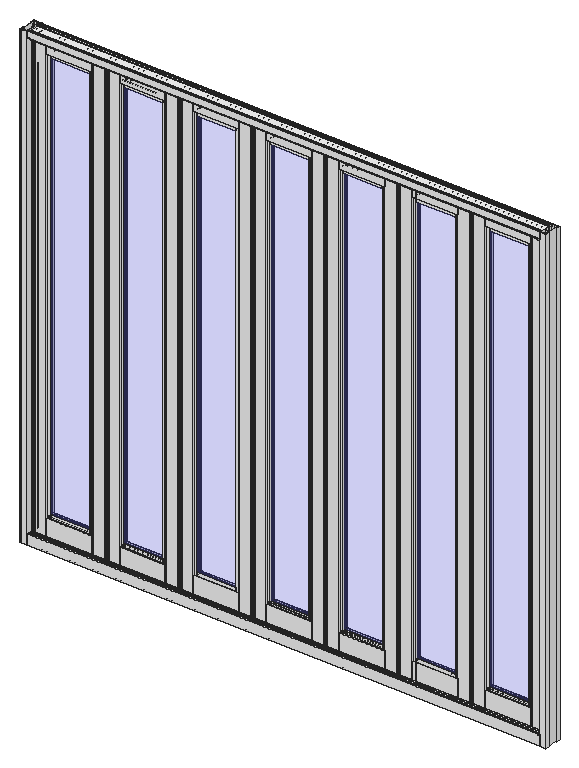
Revit family "Vistafold_Sliding_Folding_7_Standard", category Doors, host Wall, Revit 2014 (continued)
Definition of nested family "Vistafold_Sash_Insert_7_Std"
  Definition of nested family "Vistafold_Sash_Jamb_Astragal"
    Forms (mm)
      Extrusion 1, solid, material <- "Profile Material"
        sketch origin (0, 0, 0) x (1, 0, 0) y (0, 1, 0)
          loop
            line (6.355, 79.592) -> (6.355, 21.392)
            arc (6.355, 21.392) -> (6.882, 20.119) -> (8.155, 19.592) r 1.8
            line (8.155, 19.592) -> (52.555, 19.592) -> (52.555, 12.492) -> (51.155, 12.492) -> (51.155, 10.562)
            arc (51.155, 10.562) -> (51.555, 10.162) -> (51.955, 10.562) r 0.4
            line (51.955, 10.562) -> (51.955, 11.362) -> (53.155, 11.362) -> (53.155, 5.722) -> (51.955, 5.722) -> (51.955, 6.522)
            arc (51.955, 6.522) -> (51.555, 6.922) -> (51.155, 6.522) r 0.4
            line (51.155, 6.522) -> (51.155, 5.722) -> (51.155, 4.841)
            arc (51.155, 4.841) -> (52.829, 4.629) -> (54.355, 5.352) r 3.01
            line (54.355, 5.352) -> (54.355, 19.392)
            arc (54.355, 19.392) -> (53.769, 20.806) -> (52.355, 21.392) r 2
            line (52.355, 21.392) -> (50.355, 21.392) -> (50.355, 79.592) -> (41.855, 79.592) -> (40.355, 79.592) -> (40.355, 78.592) -> (41.855, 78.46) -> (41.855, 76.992) -> (23.355, 76.992) -> (23.355, 78.329) -> (26.355, 78.592) -> (26.355, 79.592) -> (13.155, 79.592) -> (13.155, 90.292) -> (12.755, 91.092) -> (12.755, 93.392) -> (14.055, 93.392) -> (14.055, 94.592) -> (11.355, 94.592) -> (11.355, 79.592) -> (6.355, 79.592)
          loop
            line (8.355, 21.392) -> (48.555, 21.392) -> (48.555, 24.792) -> (45.555, 24.792) -> (45.555, 25.992) -> (48.555, 25.992) -> (48.555, 77.792) -> (43.655, 77.792) -> (43.655, 76.592)
            arc (43.655, 76.592) -> (43.245, 75.602) -> (42.255, 75.192) r 1.4
            line (42.255, 75.192) -> (22.955, 75.192)
            arc (22.955, 75.192) -> (21.965, 75.602) -> (21.555, 76.592) r 1.4
            line (21.555, 76.592) -> (21.555, 77.792) -> (8.355, 77.792) -> (8.355, 25.992) -> (11.401, 25.992) -> (11.401, 24.792) -> (8.355, 24.792) -> (8.355, 21.392)
        from 0 to 250 <- "Length Jamb"
    Dimensions and locks
      aligned and locked: level to plane 2
  Definition of nested family "Vistafold_Sash_Head"
    Parameters (values of type "Vistafold_Sash_Head")
      Profile Material [instance] = none
      Length Head [instance] = 250 mm
      Cutout Width = 15 mm  # constant formula
    Reference planes
      plane 1 "Center (Front/Back)": y = 0
      plane 2: z = 0
      plane 3 "Center (Left/Right)": x = 0
    Forms (mm)
      Extrusion 1, solid, material <- "Profile Material"
        sketch origin (0, 0, 0) x (0, 1, 0) y (0, 0, 1)
          loop
            line (69.85, 257.735) -> (68.05, 257.735) -> (68.05, 255.735) -> (64.95, 255.735) -> (64.95, 254.135) -> (68.1, 254.135) -> (68.1, 241.768) -> (67.545, 240.72) -> (67.545, 237.735) -> (28.15, 237.735) -> (28.15, 240.654) -> (27.64, 241.618) -> (27.64, 254.135) -> (30.75, 254.135) -> (30.75, 255.735) -> (27.65, 255.735) -> (27.65, 257.735) -> (25.85, 257.735) -> (25.85, 207.735) -> (30.845, 207.735) -> (30.845, 192.735) -> (33.545, 192.735) -> (33.545, 193.935) -> (32.245, 193.935) -> (32.245, 196.135) -> (32.645, 196.835) -> (32.645, 207.735) -> (45.845, 207.735) -> (45.845, 208.71) -> (42.845, 208.972) -> (42.845, 210.335) -> (61.345, 210.335) -> (61.345, 208.841) -> (59.845, 208.71) -> (59.845, 207.735) -> (69.85, 207.735) -> (69.85, 257.735)
          loop
            line (27.64, 235.935) -> (27.64, 209.535) -> (41.045, 209.535) -> (41.045, 210.735)
            arc (41.045, 210.735) -> (41.455, 211.725) -> (42.445, 212.135) r 1.4
            line (42.445, 212.135) -> (61.745, 212.135)
            arc (61.745, 212.135) -> (62.735, 211.725) -> (63.145, 210.735) r 1.4
            line (63.145, 210.735) -> (63.145, 209.535) -> (68.06, 209.535) -> (68.06, 235.935) -> (27.64, 235.935)
        from 0 to 250 <- "Length Head"
      Extrusion 2, void
        sketch origin (0, 0, 0) x (1, 0, 0) y (0, 1, 0)
          loop
            line (250, 30.845) -> (250, 33.545) -> (235, 33.545) -> (235, 30.845) -> (250, 30.845)
          loop
            line (15, 33.545) -> (0, 33.545) -> (0, 30.845) -> (15, 30.845) -> (15, 33.545)
        from 0 to 250
    Cuts and joins
      Extrusion 2 cuts Extrusion 1
    Dimensions and locks
      "Cutout Width": Extrusion 1 to Extrusion 2 sketch curve
      "Cutout Width": Extrusion 2 sketch curve to Extrusion 1
      aligned and locked: level to plane 2
      aligned and locked: Extrusion 1 to Extrusion 2 sketch curve  (x2)
      aligned and locked: Extrusion 2 sketch curve to Extrusion 1  (x4)
    Automatic sketch dimensions
      Extrusion 1 sketch curve to plane 1 "Center (Front/Back)" = 25.85 mm
      Extrusion 1 sketch curve to Extrusion 1 sketch curve = 1.79 mm
      Extrusion 1 sketch curve to Extrusion 1 sketch curve = 0 mm  (x3)
      Extrusion 1 sketch curve to Extrusion 1 sketch curve = 1.8 mm  (x3)
      Extrusion 1 sketch curve to Extrusion 1 sketch curve = 0.51 mm
      Extrusion 1 sketch curve to Extrusion 1 sketch curve = 3.11 mm
      Extrusion 1 sketch curve to Extrusion 1 sketch curve = 4.996 mm
      Extrusion 1 sketch curve to Extrusion 1 sketch curve = 1.4 mm  (x3)
      Extrusion 1 sketch curve to Extrusion 1 sketch curve = 0.4 mm  (x3)
      Extrusion 1 sketch curve to Extrusion 1 sketch curve = 1.3 mm
      Extrusion 1 sketch curve to Extrusion 1 sketch curve = 8.4 mm
      Extrusion 1 sketch curve to Extrusion 1 sketch curve = 3 mm
      Extrusion 1 sketch curve to Extrusion 1 sketch curve = 14 mm
      Extrusion 1 sketch curve to Extrusion 1 sketch curve = 1.5 mm
      Extrusion 1 sketch curve to Extrusion 1 sketch curve = 34.2 mm
      Extrusion 1 sketch curve to Extrusion 1 sketch curve = 2.596 mm
      Extrusion 1 sketch curve to Extrusion 1 sketch curve = 3.1 mm
      Extrusion 1 sketch curve to Extrusion 1 sketch curve = 4.914 mm
      Extrusion 1 sketch curve to Extrusion 1 sketch curve = 0.05 mm
      level to Extrusion 1 sketch curve = 192.735 mm
      Extrusion 1 sketch curve to Extrusion 1 sketch curve = 1.2 mm  (x2)
      Extrusion 1 sketch curve to Extrusion 1 sketch curve = 2.2 mm
      Extrusion 1 sketch curve to Extrusion 1 sketch curve = 0.7 mm
      Extrusion 1 sketch curve to Extrusion 1 sketch curve = 10.9 mm
      Extrusion 1 sketch curve to Extrusion 1 sketch curve = 0.975 mm  (x2)
      Extrusion 1 sketch curve to Extrusion 1 sketch curve = 1.106 mm
      Extrusion 1 sketch curve to Extrusion 1 sketch curve = 0.262 mm
      Extrusion 1 sketch curve to Extrusion 1 sketch curve = 0.694 mm
      Extrusion 1 sketch curve to Extrusion 1 sketch curve = 0.563 mm
      Extrusion 1 sketch curve to Extrusion 1 sketch curve = 1.363 mm
      Extrusion 1 sketch curve to Extrusion 1 sketch curve = 26.4 mm
      Extrusion 1 sketch curve to Extrusion 1 sketch curve = 2.92 mm
      Extrusion 1 sketch curve to Extrusion 1 sketch curve = 2.985 mm
      Extrusion 1 sketch curve to Extrusion 1 sketch curve = 0.963 mm
      Extrusion 1 sketch curve to Extrusion 1 sketch curve = 1.048 mm
      Extrusion 1 sketch curve to Extrusion 1 sketch curve = 12.367 mm
      Extrusion 1 sketch curve to Extrusion 1 sketch curve = 12.517 mm
      Extrusion 1 sketch curve to Extrusion 1 sketch curve = 1.6 mm  (x2)
      Extrusion 1 sketch curve to Extrusion 1 sketch curve = 2 mm  (x2)
  Definition of nested family "Vistafold_Sash_Sill"
    Parameters (values of type "Vistafold_Sash_Sill")
      Profile Material [instance] = none
      Length Sill [instance] = 250 mm
      Cutout Width = 15 mm  # constant formula
    Reference planes
      plane 1 "Center (Front/Back)": y = 0
      plane 2: z = 0
      plane 3 "Center (Left/Right)": x = 0
    Forms (mm)
      Extrusion 1, solid, material <- "Profile Material"
        sketch origin (0, 0, 0) x (0, 1, 0) y (0, 0, 1)
          loop
            line (7.791, 7.573) -> (9.591, 7.573) -> (9.591, 9.573) -> (12.691, 9.573) -> (12.691, 11.173) -> (9.581, 11.173) -> (9.581, 23.69) -> (10.091, 24.653) -> (10.091, 27.573) -> (49.486, 27.573) -> (49.486, 24.587) -> (50.041, 23.54) -> (50.041, 11.173) -> (46.891, 11.173) -> (46.891, 9.573) -> (49.991, 9.573) -> (49.991, 7.573) -> (51.791, 7.573) -> (51.791, 92.573) -> (41.786, 92.573) -> (41.786, 91.598) -> (43.286, 91.467) -> (43.286, 89.973) -> (24.786, 89.973) -> (24.786, 91.335) -> (27.786, 91.598) -> (27.786, 92.573) -> (14.586, 92.573) -> (14.586, 103.473) -> (14.186, 104.173) -> (14.186, 106.373) -> (15.486, 106.373) -> (15.486, 107.573) -> (12.786, 107.573) -> (12.786, 92.573) -> (7.791, 92.573) -> (7.791, 7.573)
          loop
            line (9.581, 90.773) -> (9.581, 29.373) -> (50, 29.373) -> (50, 90.773) -> (45.086, 90.773) -> (45.086, 89.573)
            arc (45.086, 89.573) -> (44.676, 88.583) -> (43.686, 88.173) r 1.4
            line (43.686, 88.173) -> (24.386, 88.173)
            arc (24.386, 88.173) -> (23.396, 88.583) -> (22.986, 89.573) r 1.4
            line (22.986, 89.573) -> (22.986, 90.773) -> (9.581, 90.773)
        from 0 to 250 <- "Length Sill"
      Extrusion 2, void
        sketch origin (0, 0, 0) x (1, 0, 0) y (0, 1, 0)
          loop
            line (0, 15.486) -> (0, 12.786) -> (15, 12.786) -> (15, 15.486) -> (0, 15.486)
          loop
            line (235, 15.486) -> (235, 12.786) -> (250, 12.786) -> (250, 15.486) -> (235, 15.486)
        from 0 to 250
    Cuts and joins
      Extrusion 2 cuts Extrusion 1
    Dimensions and locks
      "Cutout Width": Extrusion 1 to Extrusion 2 sketch curve
      "Cutout Width": Extrusion 2 sketch curve to Extrusion 1
      aligned and locked: level to plane 2
      aligned and locked: Extrusion 2 sketch curve to Extrusion 1  (x6)
    Automatic sketch dimensions
      Extrusion 1 sketch curve to plane 1 "Center (Front/Back)" = 7.791 mm
      Extrusion 1 sketch curve to Extrusion 1 sketch curve = 1.79 mm  (x3)
      Extrusion 1 sketch curve to Extrusion 1 sketch curve = 0.01 mm
      Extrusion 1 sketch curve to Extrusion 1 sketch curve = 0.51 mm
      Extrusion 1 sketch curve to Extrusion 1 sketch curve = 3.1 mm  (x2)
      Extrusion 1 sketch curve to plane 1 "Center (Front/Back)" = 12.786 mm
      Extrusion 1 sketch curve to Extrusion 1 sketch curve = 1.4 mm  (x3)
      Extrusion 1 sketch curve to Extrusion 1 sketch curve = 1.8 mm  (x4)
      Extrusion 1 sketch curve to Extrusion 1 sketch curve = 1.3 mm
      Extrusion 1 sketch curve to Extrusion 1 sketch curve = 8.4 mm
      Extrusion 1 sketch curve to Extrusion 1 sketch curve = 0.4 mm  (x3)
      Extrusion 1 sketch curve to Extrusion 1 sketch curve = 3 mm
      Extrusion 1 sketch curve to Extrusion 1 sketch curve = 14 mm
      Extrusion 1 sketch curve to Extrusion 1 sketch curve = 1.5 mm
      level to Extrusion 1 sketch curve = 9.573 mm
      Extrusion 1 sketch curve to Extrusion 1 sketch curve = 34.2 mm
      level to Extrusion 1 sketch curve = 24.587 mm
      Extrusion 1 sketch curve to Extrusion 1 sketch curve = 2.596 mm
      Extrusion 1 sketch curve to Extrusion 1 sketch curve = 4.914 mm
      level to Extrusion 1 sketch curve = 23.54 mm
      Extrusion 1 sketch curve to Extrusion 1 sketch curve = 0.554 mm
      level to Extrusion 1 sketch curve = 7.573 mm
      Extrusion 1 sketch curve to Extrusion 1 sketch curve = 2 mm  (x2)
      Extrusion 1 sketch curve to Extrusion 1 sketch curve = 1.6 mm  (x2)
      Extrusion 1 sketch curve to Extrusion 1 sketch curve = 12.517 mm
      Extrusion 1 sketch curve to Extrusion 1 sketch curve = 0.963 mm
      Extrusion 1 sketch curve to Extrusion 1 sketch curve = 2.92 mm
      Extrusion 1 sketch curve to Extrusion 1 sketch curve = 58.8 mm
      Extrusion 1 sketch curve to Extrusion 1 sketch curve = 1.2 mm  (x3)
      Extrusion 1 sketch curve to Extrusion 1 sketch curve = 1.363 mm
      Extrusion 1 sketch curve to Extrusion 1 sketch curve = 1.494 mm
      Extrusion 1 sketch curve to Extrusion 1 sketch curve = 0.131 mm
      Extrusion 1 sketch curve to Extrusion 1 sketch curve = 0.975 mm  (x2)
      Extrusion 1 sketch curve to Extrusion 1 sketch curve = 10.9 mm
      Extrusion 1 sketch curve to Extrusion 1 sketch curve = 0.7 mm
      Extrusion 1 sketch curve to Extrusion 1 sketch curve = 2.2 mm
  Definition of nested family "Vistafold_Angled_Glazing_Bead"
    Parameters (values of type "Vistafold_Angled_Glazing_Bead")
      Profile Material [instance] = none
      Bead Width [instance] = 1120 mm
      Bead Height [instance] = 1860 mm
    Reference planes
      plane 1 "Center (Front/Back)": y = 0
      plane 2: z = 0
      plane 3 "Center (Left/Right)": x = 0
    Forms (mm)
      Sweep 1, solid, material <- "Profile Material"
        path origin (0, 0, 0) x (1, 0, 0) y (0, 0, 1)
          loop
            line (0, 0) -> (1120, 0) -> (1120, 1860) -> (0, 1860) -> (0, 0)
        profile origin (560, 0, 0) x (0, 0, 1) y (0, -1, 0)
          loop
            line (7.999, 0.8) -> (7.999, 2.044) -> (10.199, 4.244) -> (12.521, 1.922) -> (11.399, 0.8) -> (10.599, 0.8) -> (10.599, 0) -> (14.999, 0) -> (14.999, 1) -> (0.793, 15.205) -> (0, 15.205) -> (0, 12.999) -> (-1.4, 12.999) -> (-1.4, 13.823)
            arc (-1.4, 13.823) -> (-2.107, 13.53) -> (-2.4, 12.823) r 1
            line (-2.4, 12.823) -> (-2.4, 11.899) -> (0.6, 11.899)
            arc (0.6, 11.899) -> (0.953, 12.045) -> (1.1, 12.399) r 0.5
            line (1.1, 12.399) -> (1.1, 13.343) -> (9.421, 5.022) -> (6.899, 2.5) -> (6.899, 1.1) -> (-1.6, 1.1)
            arc (-1.6, 1.1) -> (-2.165, 0.866) -> (-2.4, 0.3) r 0.8
            line (-2.4, 0.3) -> (-2.4, -2.5)
            arc (-2.4, -2.5) -> (-1.9, -3) -> (-1.4, -2.5) r 0.5
            line (-1.4, -2.5) -> (-1.4, 0) -> (8.799, 0) -> (8.799, 0.8) -> (7.999, 0.8)
    Dimensions and locks
      "Bead Width": Sweep 1 sketch curve to Sweep 1 sketch curve
      "Bead Height": Sweep 1 sketch curve to Sweep 1 sketch curve
      aligned and locked: level to plane 2
    Automatic sketch dimensions
      Sweep 1 sketch curve to plane 1 "Center (Front/Back)" = 0 mm  (x2)
      profile plane to Sweep 1 sketch curve = 0 mm
      profile plane to Sweep 1 sketch curve = 1.4 mm  (x2)
      Sweep 1 sketch curve to Sweep 1 sketch curve = 0.2 mm
      Sweep 1 sketch curve to Sweep 1 sketch curve = 0.5 mm  (x2)
      Sweep 1 sketch curve to Sweep 1 sketch curve = 1 mm  (x2)
      Sweep 1 sketch curve to profile plane = 0.6 mm
      Sweep 1 sketch curve to profile plane = 0.793 mm
      plane 1 "Center (Front/Back)" to Sweep 1 sketch curve = 1.1 mm
      Sweep 1 sketch curve to profile plane = 6.899 mm
      Sweep 1 sketch curve to Sweep 1 sketch curve = 1.1 mm
      Sweep 1 sketch curve to Sweep 1 sketch curve = 0.8 mm  (x2)
      Sweep 1 sketch curve to Sweep 1 sketch curve = 1.422 mm
      plane 1 "Center (Front/Back)" to Sweep 1 sketch curve = 4.244 mm
      Sweep 1 sketch curve to Sweep 1 sketch curve = 0.778 mm  (x2)
      Sweep 1 sketch curve to Sweep 1 sketch curve = 1.8 mm
      plane 1 "Center (Front/Back)" to Sweep 1 sketch curve = 1.922 mm
      Sweep 1 sketch curve to Sweep 1 sketch curve = 1.122 mm
      Sweep 1 sketch curve to Sweep 1 sketch curve = 2.5 mm
      plane 1 "Center (Front/Back)" to Sweep 1 sketch curve = 0.8 mm
      Sweep 1 sketch curve to Sweep 1 sketch curve = 0.456 mm
      Sweep 1 sketch curve to Sweep 1 sketch curve = 1.444 mm
      Sweep 1 sketch curve to Sweep 1 sketch curve = 0.924 mm
      Sweep 1 sketch curve to Sweep 1 sketch curve = 0.176 mm
      Sweep 1 sketch curve to Sweep 1 sketch curve = 1.862 mm
      Sweep 1 sketch curve to Sweep 1 sketch curve = 2.478 mm
      Sweep 1 sketch curve to plane 3 "Center (Left/Right)" = 0 mm
      Sweep 1 sketch curve to level = 0 mm
  Definition of nested family "Vistafold_Double_Glazing_Bead"
    Parameters (values of type "Vistafold_Double_Glazing_Bead")
      Profile Material [instance] = none
      Bead Width [instance] = 400 mm
      Bead Height [instance] = 500 mm
    Reference planes
      plane 1 "Center (Front/Back)": y = 0
      plane 2: z = 0
      plane 3 "Center (Left/Right)": x = 0
    Forms (mm)
      Sweep 1, solid, material <- "Profile Material"
        path origin (0, 0, 0) x (1, 0, 0) y (0, 0, 1)
          loop
            line (0, 0) -> (400, 0) -> (400, 500) -> (0, 500) -> (0, 0)
        profile origin (200, 0, 0) x (0, 0, 1) y (0, -1, 0)
          loop
            line (1.6, 21.9) -> (7.5, 21.9) -> (7.5, 18.8) -> (9.35, 18.8)
            arc (9.35, 18.8) -> (9.75, 19.2) -> (9.35, 19.6) r 0.4
            line (9.35, 19.6) -> (8.55, 19.6) -> (8.55, 21.9) -> (13.95, 21.9) -> (13.95, 19.6) -> (13.15, 19.6)
            arc (13.15, 19.6) -> (12.75, 19.2) -> (13.15, 18.8) r 0.4
            line (13.15, 18.8) -> (15, 18.8) -> (15, 23.5) -> (0, 23.5) -> (0, 15.9) -> (-1.387, 15.9) -> (-1.387, 16.7)
            arc (-1.387, 16.7) -> (-2.102, 16.411) -> (-2.4, 15.7) r 1
            line (-2.4, 15.7) -> (-2.4, 0.5)
            arc (-2.4, 0.5) -> (-1.9, 0) -> (-1.4, 0.5) r 0.5
            line (-1.4, 0.5) -> (-1.4, 3.5) -> (-0.4, 3.5) -> (-0.4, 14.5) -> (1.6, 14.5) -> (1.6, 21.9)
    Lines and regions (mm)
      model lines, style "GenericModel"
        curve 1: line (15, -23.5, 485) -> (15, -23.5, 500)
        curve 2: line (385, -23.5, 485) -> (385, -23.5, 500)
        curve 3: line (15, -23.5, 15) -> (15, -23.5, 0)
        curve 4: line (385, -23.5, 15) -> (385, -23.5, 0)
    Dimensions and locks
      "Bead Width": Sweep 1 sketch curve to Sweep 1 sketch curve
      "Bead Height": Sweep 1 sketch curve to Sweep 1 sketch curve
      aligned and locked: level to plane 2
      aligned and locked: curve 4 to Sweep 1
      aligned and locked: Sweep 1 to curve 3
      aligned and locked: curve 1 to Sweep 1
      aligned and locked: Sweep 1 to curve 2
    Automatic sketch dimensions
      profile plane to Sweep 1 sketch curve = 2.4 mm
      Sweep 1 sketch curve to Sweep 1 sketch curve = 0.5 mm
      Sweep 1 sketch curve to Sweep 1 sketch curve = 1 mm  (x2)
      Sweep 1 sketch curve to Sweep 1 sketch curve = 0.012 mm
      Sweep 1 sketch curve to Sweep 1 sketch curve = 1.387 mm
      Sweep 1 sketch curve to Sweep 1 sketch curve = 1.6 mm  (x2)
      Sweep 1 sketch curve to Sweep 1 sketch curve = 5.9 mm
      Sweep 1 sketch curve to Sweep 1 sketch curve = 1.05 mm  (x2)
      Sweep 1 sketch curve to Sweep 1 sketch curve = 0.8 mm  (x2)
      Sweep 1 sketch curve to Sweep 1 sketch curve = 3.8 mm
      Sweep 1 sketch curve to Sweep 1 sketch curve = 3 mm
      Sweep 1 sketch curve to Sweep 1 sketch curve = 11 mm
      Sweep 1 sketch curve to Sweep 1 sketch curve = 1.2 mm
      Sweep 1 sketch curve to Sweep 1 sketch curve = 0.2 mm
      Sweep 1 sketch curve to Sweep 1 sketch curve = 4.3 mm
      Sweep 1 sketch curve to Sweep 1 sketch curve = 0 mm  (x2)
      Sweep 1 sketch curve to Sweep 1 sketch curve = 0.4 mm  (x2)
      Sweep 1 sketch curve to Sweep 1 sketch curve = 2.3 mm
      plane 1 "Center (Front/Back)" to Sweep 1 sketch curve = 0.5 mm
      curve 1 to Sweep 1 = 0 mm  (x2)
      curve 3 to Sweep 1 = 0 mm
      Sweep 1 to curve 3 = 0 mm
      curve 2 to Sweep 1 = 0 mm  (x2)
      curve 4 to Sweep 1 = 0 mm  (x2)
      Sweep 1 sketch curve to plane 3 "Center (Left/Right)" = 0 mm
      Sweep 1 sketch curve to level = 0 mm
Definition of nested family "Vistafold_Single_Glazing_Sliding_Folding_7_Std"
  Parameters (values of type "Single_Glazing_Sliding_Folding")
    Right Hinged [instance] = yes
    Length Arrow Down [instance] = Length Arrow / 2  # 133.233 mm
    Left Hinged [instance] = yes
    Half Height [instance] = Glazing Height / 2  # 750 mm
    Glazing Width [instance] = 900 mm
    Glazing Height [instance] = 1500 mm
    Right Sliding Folding [instance] = yes
    Length Arrow Tip [instance] = if((Glazing Height - (2 * 50.3 mm)) / 8 > Length Arrow / 3.3, Length Arrow / 3.3, (Glazing Height - (2 * 50.3 mm)) / 8)  # 80.747 mm
    Length Arrow [instance] = (Glazing Width - (2 * 50.3 mm)) / 3  # 266.467 mm
    Left Sliding Folding [instance] = yes
    Is Sliding Folding [instance] = if(or(Right Sliding Folding, Left Sliding Folding), 1 = 1, 1 = 2)  # yes
    Glazing Thickness SG [instance] = 4 mm
    Glazing Material [instance] = Glass
    Glazing Bead Gap = 19.1 mm  # constant formula
    Double Glazing Gasket Material [instance] = none
    Arrow Tip Length [instance] = if((Glazing Height - (2 * 50.3 mm)) / 8 > Length Arrow / 3.3, Length Arrow / 3.3, (Glazing Height - (2 * 50.3 mm)) / 8)  # 80.747 mm
    Arrow Left Gap [instance] = (Glazing Width - Length Arrow) / 2  # 316.767 mm
    Arrow Bottom Gap [instance] = (Glazing Height / 2) + (Length Arrow Down / 2)  # 816.617 mm
  Reference planes
    plane 1 "Center (Front/Back)": y = 0
    plane 2: z = 0
    plane 3 "Center (Left/Right)": x = 0
  Forms (mm)
    Extrusion 1, solid, material "Glass" <- "Glazing Material"
      sketch origin (0, 0, 0) x (1, 0, 0) y (0, 0, 1)
        loop
          line (0, 0) -> (0, 1500) -> (-900, 1500) -> (-900, 0) -> (0, 0)
      from 0 to 4 <- "Glazing Thickness SG"
  Lines and regions (mm)
    model lines, style "GenericModelHiddenLines", visible <- "Left Hinged"
      curve 1: line (-880.9, -4, 1480.9) -> (-19.1, -4, 750)
      curve 2: line (-19.1, -4, 750) -> (-880.9, -4, 19.1)
    model lines, style "GenericModelHiddenLines", visible <- "Right Hinged"
      curve 3: line (-19.1, -4, 1480.9) -> (-880.9, -4, 750)
      curve 4: line (-880.9, -4, 750) -> (-19.1, -4, 19.1)
    model lines, style "GenericModel", visible <- "Left Sliding Folding"
      curve 5: line (-583.233, -4, 735.869) -> (-583.233, -4, 816.617)
      curve 6: line (-583.233, -4, 816.617) -> (-502.486, -4, 816.617)
    model lines, style "GenericModel", visible <- "Right Sliding Folding"
      curve 7: line (-397.514, -4, 816.617) -> (-316.767, -4, 816.617)
      curve 8: line (-316.767, -4, 816.617) -> (-316.767, -4, 735.869)
    model lines, style "GenericModel", visible <- "Is Sliding Folding"
      curve 9: line (-583.233, -4, 816.617) -> (-450, -4, 683.383)
      curve 10: line (-450, -4, 683.383) -> (-316.767, -4, 816.617)
  Dimensions and locks
    "Glazing Width": plane 3 "Center (Left/Right)" to Extrusion 1 sketch curve
    "Glazing Height": Extrusion 1 sketch curve to level
    "Glazing Bead Gap": curve 2 to Extrusion 1
    "Glazing Bead Gap": Extrusion 1 to curve 2  (x2)
    "Glazing Bead Gap": Extrusion 1 to curve 4  (x2)
    "Glazing Bead Gap": curve 4 to Extrusion 1
    "Glazing Bead Gap": Extrusion 1 to curve 3  (x2)
    "Glazing Bead Gap": Extrusion 1 to curve 1  (x2)
    "Half Height": curve 4 to Extrusion 1
    "Half Height": curve 2 to Extrusion 1
    "Arrow Left Gap": Extrusion 1 to curve 5
    "Arrow Left Gap": Extrusion 1 to curve 8
    "Arrow Bottom Gap": curve 7 to Extrusion 1
    "Arrow Bottom Gap": curve 6 to Extrusion 1
    equal spacing: curve 8, curve 10, curve 5
    "Length Arrow Down": curve 6 to curve 10
    "Length Arrow Tip": curve 6 to curve 5  (x2)
    "Length Arrow Tip": curve 7 to curve 8  (x2)
    aligned and locked: level to plane 2
    aligned and locked: Extrusion 1 sketch curve to plane 3 "Center (Left/Right)"
    aligned and locked: level to Extrusion 1 sketch curve
Types (29, lengths in mm): name | Windload Design | Width Sash | Width | Toughened Safety U Value | Toughened Safety SHGC Value | Sash Width | Sash Height | Overall Width | Overall Height | Max Pane Area | Limit Door Width Max | Limit Door Height Max | Limit Sash Width Max | Limit Sash Height Max | Intruderprufe U Value | Intruderprufe SHGC Value | Intruderprufe LowE U Value | Intruderprufe LowE SHGC Value | Intruderprufe Insulated U Value | Intruderprufe Insulated SHGC Value | Intruderprufe Insulated LowE U Value | Intruderprufe Insulated LowE SHGC Value | Height Sash | Height | Glazing Thickness SG | Custom Door Width | Custom Door Height | Custom Windload
  (no name) | 1000 | 328.286 | 2390 | 6.39 | 0.486 | 328.286 | 2023 | 2390 | 2090 | 0.488123 m² | 6392 | 2467 | 900 | 2400 | 6.3 | 0.46 | 5.26 | 0.401 | 4.72 | 0.399 | 4.4 | 0.631 | 2023 | 2090 | 4 | 2390 | 2090 | 1000
  Vistafold-7-2421-1000Pa | 1000 | 328.286 | 2390 | 6.39 | 0.486 | 328.286 | 2023 | 2390 | 2090 | 0.488123 m² | 6392 | 2467 | 900 | 2400 | 6.3 | 0.46 | 5.26 | 0.401 | 4.72 | 0.399 | 4.4 | 0.631 | 2023 | 2090 | 4 | 2390 | 2090 | 1000
  Vistafold-7-2421-1500Pa | 1500 | 328.286 | 2390 | 6.39 | 0.486 | 328.286 | 2023 | 2390 | 2090 | 0.488123 m² | 4292 | 2167 | 600 | 2100 | 6.3 | 0.46 | 5.26 | 0.401 | 4.72 | 0.399 | 4.4 | 0.631 | 2023 | 2090 | 4 | 2390 | 2090 | 1500
  Vistafold-7-2721-1000Pa | 1000 | 328.286 | 2590 | 6.35 | 0.518 | 356.857 | 2023 | 2390 | 2090 | 0.543712 m² | 6392 | 2467 | 900 | 2400 | 6.26 | 0.49 | 5.13 | 0.428 | 4.54 | 0.424 | 4.17 | 0.384 | 2023 | 2090 | 4 | 2590 | 2090 | 1000
  Vistafold-7-2721-1500Pa | 1500 | 328.286 | 2590 | 6.35 | 0.518 | 356.857 | 2023 | 2390 | 2090 | 0.543712 m² | 4292 | 2167 | 600 | 2100 | 6.26 | 0.49 | 5.13 | 0.428 | 4.54 | 0.424 | 4.17 | 0.384 | 2023 | 2090 | 4 | 2590 | 2090 | 1500
  Vistafold-7-3021-1000Pa | 1000 | 328.286 | 2990 | 6.32 | 0.544 | 414 | 2023 | 2390 | 2090 | 0.654889 m² | 6392 | 2467 | 900 | 2400 | 6.22 | 0.514 | 5.03 | 0.449 | 4.4 | 0.445 | 4 | 0.403 | 2023 | 2090 | 4 | 2990 | 2090 | 1000
  Vistafold-7-3021-1500Pa | 1500 | 328.286 | 2990 | 6.32 | 0.544 | 414 | 2023 | 2390 | 2090 | 0.654889 m² | 4292 | 2167 | 600 | 2100 | 6.22 | 0.514 | 5.03 | 0.449 | 4.4 | 0.445 | 4 | 0.403 | 2023 | 2090 | 4 | 2990 | 2090 | 1500
  Vistafold-7-3321-1000Pa | 1000 | 328.286 | 3290 | 6.29 | 0.565 | 456.857 | 2023 | 2390 | 2090 | 0.738272 m² | 6392 | 2467 | 900 | 2400 | 6.19 | 0.533 | 4.94 | 0.467 | 4.28 | 0.462 | 3.85 | 0.418 | 2023 | 2090 | 4 | 3290 | 2090 | 1000
  Vistafold-7-3321-1500Pa | 1500 | 328.286 | 3290 | 6.29 | 0.565 | 456.857 | 2023 | 2390 | 2090 | 0.738272 m² | 4292 | 2167 | 600 | 2100 | 6.19 | 0.533 | 4.94 | 0.467 | 4.28 | 0.462 | 3.85 | 0.418 | 2023 | 2090 | 4 | 3290 | 2090 | 1500
  Vistafold-7-3621-1000Pa | 1000 | 328.286 | 3590 | 6.27 | 0.585 | 499.714 | 2023 | 2390 | 2090 | 0.821655 m² | 6392 | 2467 | 900 | 2400 | 6.16 | 0.553 | 5.25 | 0.481 | 4.15 | 0.476 | 3.7 | 0.43 | 2023 | 2090 | 4 | 3590 | 2090 | 1000
  Vistafold-7-3621-1500Pa | 1500 | 328.286 | 3590 | 6.27 | 0.585 | 499.714 | 2023 | 2390 | 2090 | 0.821655 m² | 4292 | 2167 | 600 | 2100 | 6.16 | 0.553 | 5.25 | 0.481 | 4.15 | 0.476 | 3.7 | 0.43 | 2023 | 2090 | 4 | 3590 | 2090 | 1500
  Vistafold-7-3921-1000Pa | 1000 | 328.286 | 3890 | 6.25 | 0.6 | 542.571 | 2023 | 2390 | 2090 | 0.905038 m² | 6392 | 2467 | 900 | 2400 | 6.14 | 0.566 | 5.16 | 0.493 | 4.07 | 0.488 | 3.6 | 0.441 | 2023 | 2090 | 4 | 3890 | 2090 | 1000
  Vistafold-7-3921-1500Pa | 1500 | 328.286 | 3890 | 6.25 | 0.6 | 542.571 | 2023 | 2390 | 2090 | 0.905038 m² | 4292 | 2167 | 600 | 2100 | 6.14 | 0.566 | 5.16 | 0.493 | 4.07 | 0.488 | 3.6 | 0.441 | 2023 | 2090 | 4 | 3890 | 2090 | 1500
  Vistafold-7-4221-1000Pa | 1000 | 328.286 | 4190 | 6.23 | 0.612 | 585.429 | 2023 | 2390 | 2090 | 0.98842 m² | 6392 | 2467 | 900 | 2400 | 6.12 | 0.578 | 5.08 | 0.504 | 4 | 0.498 | 3.52 | 0.45 | 2023 | 2090 | 4 | 4190 | 2090 | 1000
  Vistafold-7-4221-1500Pa | 1500 | 328.286 | 4190 | 6.23 | 0.612 | 585.429 | 2023 | 2390 | 2090 | 0.98842 m² | 4292 | 2167 | 600 | 2100 | 6.12 | 0.578 | 5.08 | 0.504 | 4 | 0.498 | 3.52 | 0.45 | 2023 | 2090 | 4 | 4190 | 2090 | 1500
  Vistafold-7-4521-1000Pa | 1000 | 328.286 | 4490 | 6.21 | 0.623 | 628.286 | 2023 | 2390 | 2090 | 1.0718 m² | 6392 | 2467 | 900 | 2400 | 6.11 | 0.588 | 5.02 | 0.513 | 3.94 | 0.507 | 3.45 | 0.458 | 2023 | 2090 | 4 | 4490 | 2090 | 1000
  Vistafold-7-4821-1000Pa | 1000 | 328.286 | 4790 | 6.2 | 0.632 | 671.143 | 2023 | 2390 | 2090 | 1.15519 m² | 6392 | 2467 | 900 | 2400 | 6.09 | 0.567 | 4.96 | 0.521 | 3.89 | 0.515 | 3.38 | 0.465 | 2023 | 2090 | 4 | 4790 | 2090 | 1000
  Vistafold-7-5121-1000Pa | 1000 | 328.286 | 5090 | 6.19 | 0.641 | 714 | 2023 | 2390 | 2090 | 1.23857 m² | 6392 | 2467 | 900 | 2400 | 6.08 | 0.605 | 4.91 | 0.528 | 3.85 | 0.521 | 3.32 | 0.471 | 2023 | 2090 | 4 | 5090 | 2090 | 1000
  Vistafold-7-5421-1000Pa | 1000 | 328.286 | 5390 | 6.18 | 0.648 | 756.857 | 2023 | 2390 | 2090 | 1.32195 m² | 6392 | 2467 | 900 | 2400 | 6.07 | 0.612 | 4.87 | 0.534 | 3.81 | 0.527 | 3.27 | 0.476 | 2023 | 2090 | 4 | 5390 | 2090 | 1000
  Vistafold-7-5721-1000Pa | 1000 | 328.286 | 5690 | 6.17 | 0.655 | 799.714 | 2023 | 2390 | 2090 | 1.40533 m² | 6392 | 2467 | 900 | 2400 | 6.06 | 0.618 | 4.83 | 0.54 | 3.77 | 0.533 | 3.23 | 0.481 | 2023 | 2090 | 4 | 5690 | 2090 | 1000
  Vistafold-7-6021-1000Pa | 1000 | 328.286 | 5990 | 6.16 | 0.661 | 842.571 | 2023 | 2390 | 2090 | 1.48872 m² | 6392 | 2467 | 900 | 2400 | 6.05 | 0.623 | 4.79 | 0.545 | 3.74 | 0.538 | 3.19 | 0.485 | 2023 | 2090 | 4 | 5990 | 2090 | 1000
  Vistafold-7-6321-1000Pa | 1000 | 885.429 | 6290 | 6.15 | 0.666 | 885.429 | 2023 | 6290 | 2090 | 1.5721 m² | 6392 | 2467 | 900 | 2400 | 6.04 | 0.628 | 4.76 | 0.55 | 3.71 | 0.542 | 3.15 | 0.489 | 2023 | 2090 | 5 | 6290 | 2090 | 1000
  Vistafold-7-2424-1000Pa | 1000 | 328.286 | 2390 | 6.39 | 0.492 | 328.286 | 2323 | 2390 | 2090 | 0.563389 m² | 4292 | 2467 | 600 | 2400 | 6.29 | 0.465 | 5.23 | 0.405 | 4.69 | 0.403 | 4.36 | 0.365 | 2023 | 2390 | 4 | 2390 | 2390 | 1000
  Vistafold-7-2724-1000Pa | 1000 | 328.286 | 2690 | 6.34 | 0.524 | 371.143 | 2323 | 2390 | 2090 | 0.659629 m² | 4292 | 2467 | 600 | 2400 | 6.25 | 0.496 | 5.1 | 0.433 | 4.51 | 0.429 | 4.14 | 0.389 | 2023 | 2390 | 4 | 2690 | 2390 | 1000
  Vistafold-7-3024-1000Pa | 1000 | 328.286 | 2990 | 6.31 | 0.55 | 414 | 2323 | 2390 | 2090 | 0.755869 m² | 4292 | 2467 | 600 | 2400 | 6.21 | 0.52 | 4.99 | 0.454 | 4.36 | 0.45 | 3.96 | 0.407 | 2023 | 2390 | 4 | 2990 | 2390 | 1000
  Vistafold-7-3324-1000Pa | 1000 | 328.286 | 3290 | 6.28 | 0.575 | 456.857 | 2323 | 2390 | 2090 | 0.852109 m² | 4292 | 2467 | 600 | 2400 | 6.18 | 0.543 | 5.32 | 0.472 | 4.21 | 0.468 | 3.78 | 0.423 | 2023 | 2390 | 4 | 3290 | 2390 | 1000
  Vistafold-7-3624-1000Pa | 1000 | 328.286 | 3590 | 6.25 | 0.592 | 499.714 | 2323 | 2390 | 2090 | 0.948349 m² | 4292 | 2467 | 600 | 2400 | 6.15 | 0.559 | 5.22 | 0.487 | 4.11 | 0.482 | 3.66 | 0.435 | 2023 | 2390 | 4 | 3590 | 2390 | 1000
  Vistafold-7-3924-1000Pa | 1000 | 328.286 | 3890 | 6.23 | 0.607 | 542.571 | 2323 | 2390 | 2090 | 1.04459 m² | 4292 | 2467 | 600 | 2400 | 6.13 | 0.573 | 5.12 | 0.499 | 4.03 | 0.494 | 3.56 | 0.446 | 2023 | 2390 | 4 | 3890 | 2390 | 1000
  Vistafold-7-4224-1000Pa | 1000 | 585.429 | 4190 | 6.22 | 0.62 | 585.429 | 2323 | 4190 | 2390 | 1.14083 m² | 4292 | 2467 | 600 | 2400 | 6.11 | 0.585 | 5.05 | 0.51 | 3.96 | 0.504 | 3.47 | 0.455 | 2323 | 2390 | 4 | 4190 | 2390 | 1000
